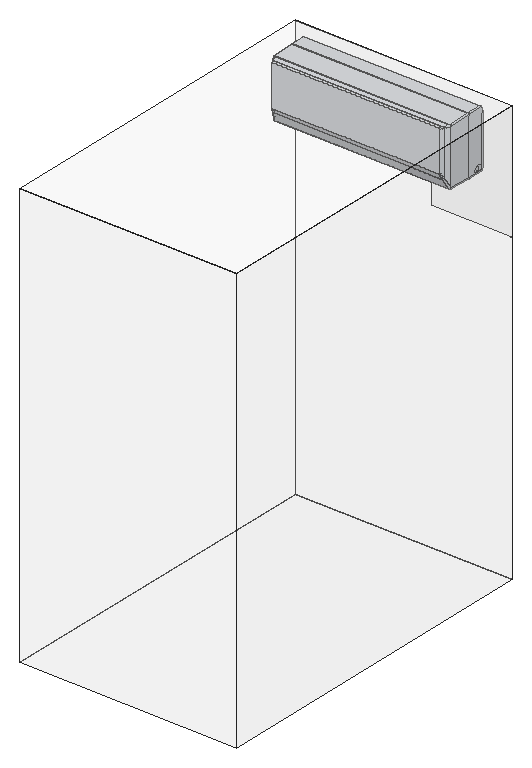
Revit family "pk-rp28la5_112ka21_50hz", category 機械設備, Revit 2019
Family settings
  丸型コネクタ寸法 = 直径を使用
  パーツ タイプ = 標準
  OmniClass 番号 = 23.75.10.24.21.27.27
  OmniClass タイトル = Split System Air Conditioning Units
  作業面ベース = いいえ
  常に垂直 = はい
  ロード時にボイドで切り取り = いいえ
  共有 = いいえ
  部屋計算ポイント = はい
Parameters (values of type "壁掛_PK-RP28LA5")
  風量_静 (m3/min) = 6.3
  風量_強 (m3/min) = 8.7
  風量_弱 (m3/min) = 7.3
  風量_中 (m3/min) = 8
  風量 = MAX風量  # 522.0 m³/h
  音響パワーレベル_静 (dB) = 45
  音響パワーレベル_弱 (dB) = 48
  音響パワーレベル_中 (dB) = 50
  音響パワーレベル_強 (dB) = 52
  音響パワーレベル(dB) = [音響パワーレベル_強 (dB)]  # 52
  電源種別 = ""
  電源_H = 0 mm
  電圧 = 0 V
  電動機出力_送風機 = 0.03 kW
  運転質量 = 0.00 kg
  連動 = ""
  質量 = if(製品質量 > 運転質量, 製品質量, 運転質量) * 1.2  # 15.00 kg
  負荷分類 = 3_ファン類
  構成品番 = "PK-RP28LA5"
  壁掛_PK-RP_LA3 = no
  壁掛_PK-RP_LA2 = no
  壁掛_PK-RP_LA1 = yes
  冷媒液管位置-Z = 280 mm
  冷媒液管位置-Y = 23 mm
  冷媒液管位置-X = 711 mm
  冷媒ガス管位置-Z = 268 mm
  冷媒ガス管位置-Y = 23 mm
  冷媒ガス管位置-X = 642 mm
  ドレン管径 (外径) = 22 mm
  ドレン位置-Z = 274 mm
  ドレン位置-Y = 37 mm
  ドレン位置-X = 660 mm
  サービススペース_PK-RP_LA2 = no
  サービススペース_PK-RP_LA1,3 = yes
  【値が 0 の項目は組合せ形名にてご確認ください】 = ""
  URL = "https://www.mitsubishielectric.co.jp/ldg/wink/ssl/top.do"
  Space Top = 50 mm
  Space Right_1 = 260 mm
  Space Right = 150 mm
  Space Left = 50 mm
  Space Bot_2 = 250 mm
  Space Bot_1 = 7 mm
  MIN２風量 = [風量_静 (m3/min)] * 60.0 m³/h  # 378.0 m³/h
  MIN風量 = [風量_弱 (m3/min)] * 60.0 m³/h  # 438.0 m³/h
  MID風量 = [風量_中 (m3/min)] * 60.0 m³/h  # 480.0 m³/h
  MAX風量 = [風量_強 (m3/min)] * 60.0 m³/h  # 522.0 m³/h
  説明 = "店舗・事務所用パッケージエアコン(Mr.SLIM) 壁掛形<ワイヤード>"
  設計暖房能力 = 0.00 kW
  設計冷房能力_顕熱 = 0 kW
  設計冷房能力 = 0 kW
  設置方法 = "壁掛形"
  記号 = ""
  製造元 = "三菱電機株式会社"
  製品質量 = 12.50 kg
  製品出荷対象 = "国内"
  製品リリース年月 = ""
  製品グループ = ""
  系統 = ""
  符号 = "PAC_WR"
  積算_科目 = "1 空気調和設備"
  積算_拾い区分 [instance] = ""
  相 = 1
  盤記号 = ""
  発停方法 = "付属スイッチ"
  特殊仕様 = ""
  火災停止 = ""
  消費電力_暖房 = 0.02 kW
  消費電力_冷房 = 0.03 kW
  消費電力 = if(消費電力_冷房 > 消費電力_暖房, 消費電力_冷房, 消費電力_暖房)  # 0.03 kW
  法定耐用年数 = "6"
  極数 = 1
  材質 = ""
  本体マテリアル = none
  有効加湿量 = 0
  暖房能力 = 2.80 kW
  推奨ブレーカー容量 = 0 A
  形式_加湿器 = ""
  形式 = "壁掛（露出）形"
  幹線記号 = ""
  始動方式 = "直入"
  呼称 = "室内機_壁掛（露出）形"
  周波数 = 50 Hz
  吊り位置Y = 0 mm
  吊り位置X = 0 mm
  吊りボルト_H = 0 mm
  台数_手元リモコン = ""
  台数_冷媒分岐ユニット = ""
  参照している仕様書等のバージョン = "公共建築工事標準仕様書（機械設備工事編）平成31年度版"
  加湿給水管径 = 0.00 mm
  分類コード = "5.0053E+13"
  分類グループ = ""
  冷房能力 = 2.5 kW
  冷媒高低圧ガス管径 = 0.00 mm
  冷媒管径符号 = "Ac"
  冷媒管径 = 100.00 mm
  冷媒液管径 = 6.35 mm
  冷媒ガス管径 = 12.70 mm
  企業コード = "108420"
  付属品_フィルター = ""
  付属品 = ""
  仕様書バージョン = "Version1.0"
  Model = ""
  パネルマテリアル = none
  ドレン管径 = 16.00 mm
  サービススペース = yes
  コメント [instance] = ""
  ケーブル種類 = ""
  ケーブルサイズ = 0 mm
  Width = 898 mm
  Uniclass2015Version = "Systems v1.9"
  Uniclass2015Title = "Split coil remote air cooled condensing units"
  Uniclass2015Code = "Pr_70_65_03_84"
  SpecificationReference = ""
  SpecificationDescription = ""
  S_H = 356 mm
  Revision = ""
  ProductInformation = ""
  OmniClassCode = "23-33 17 13 11"
  IfcTypeProduct = ""
  IfcProduct = ""
  IfcExportType = "AIRCONDITIONINGUNIT"
  IfcExportAs = "IfcUnitaryEquipmentType"
  Height = 299 mm
  Depth = 237 mm
  価格 = 0
  Clearance Top = 50 mm
  Clearance Right = 150 mm
  Clearance Left = 50 mm
  Clearance Front = 1500 mm
  Clearance Bottom = 1800 mm
  Clearance Back = 0 mm
  Author = "三菱電機株式会社"
Reference planes
  plane 1 "中心(正面/背面)": y = 0
  plane 2: z = 11
  plane 3 "中心(左/右)": x = 0
  plane 4: x = -449
  plane 5: x = 449
  plane 6: z = -288
  plane 7: y = -242
  plane 8: y = -5
  plane 9: x = -211
  plane 10: x = -193
  plane 11: x = -262
  plane 12: y = -28
  plane 13: y = -28
  plane 14: y = -42
  plane 15: z = -269
  plane 16: z = -257
  plane 17: z = -263
  plane 18: z = 61
  plane 19: x = -499
  plane 20: x = 599
  plane 21: z = -295
  plane 22: z = -538
  plane 23: x = 189
  plane 24: y = -1742
  plane 25: z = -2088
  plane 26: x = -499
  plane 27: x = 599
  plane 28: y = -28
Forms (mm)
  Extrusion 1, solid, detail levels fine
    sketch origin (-88.875, 0, -1713) x (-1, 0, 0) y (0, 0, 1)
      loop
        line (-487.875, 1574) -> (-487.875, 1549) -> (-462.875, 1549) -> (-462.875, 1574) -> (-487.875, 1574)
    from -1 to 0
  Extrusion 2, solid, detail levels fine
    sketch origin (0, 0, 0) x (0, 1, 0) y (0, 0, 1)
      loop
        circle (-42, -263) r 11
    from 444 to 449
  Extrusion 3, solid, detail levels fine
    sketch origin (0, 0, 0) x (0, 1, 0) y (0, 0, 1)
      loop
        circle (-28, -263) r 15
    from 444 to 449
Dimensions and locks
  equal spacing: plane 5, plane 3 "中心(左/右)", plane 4
  "Width": plane 5 to plane 4
  "Height": level to plane 6
  locked: plane 8 to plane 1 "中心(正面/背面)" at 5
  "Depth": plane 7 to plane 8
  "ドレン位置-X": plane 5 to plane 9
  "冷媒ガス管位置-X": plane 5 to plane 10
  "冷媒液管位置-X": plane 5 to plane 11
  "ドレン位置-Y": plane 14 to plane 8
  "冷媒ガス管位置-Y": plane 13 to plane 8
  "冷媒液管位置-Y": plane 12 to plane 8
  "ドレン位置-Z": level to plane 17
  "冷媒ガス管位置-Z": level to plane 16
  "冷媒液管位置-Z": level to plane 15
  "Space Top": plane 18 to level
  "Space Left": plane 4 to plane 19
  "Space Right": plane 20 to plane 5
  "Space Bot_1": plane 6 to plane 21
  "Space Bot_2": plane 6 to plane 22
  "Space Right_1": plane 5 to plane 23
  equal spacing: plane 16, Extrusion 3 sketch curve, plane 15
  equal spacing: plane 12, Extrusion 3 sketch curve, plane 13
  locked: plane 5 to Extrusion 3 at 5
  "Clearance Front": plane 24 to plane 7
  "Clearance Bottom": plane 6 to plane 25
  "Clearance Left": plane 4 to plane 26
  "Clearance Right": plane 27 to plane 5
  plane 5 to Extrusion 1 sketch curve = 50 mm
  nested 3 to Extrusion 1 sketch curve = 150 mm
  "Clearance Top": nested 4 to plane 2
  "ドレン管径 (外径)": diameter of Extrusion 2 sketch curve
  aligned and locked: level to plane 2
  aligned and locked: plane 1 "中心(正面/背面)" to nested 1
  aligned and locked: plane 1 "中心(正面/背面)" to nested 2
  aligned and locked: plane 1 "中心(正面/背面)" to nested 3
  aligned and locked: level to nested 1
  aligned and locked: level to nested 3
  aligned and locked: plane 3 "中心(左/右)" to nested 2
  aligned and locked: plane 3 "中心(左/右)" to nested 1
  aligned and locked: plane 3 "中心(左/右)" to nested 3
  aligned and locked: plane 14 to Extrusion 2 sketch curve
  aligned and locked: plane 17 to Extrusion 2 sketch curve
  aligned and locked: plane 5 to Extrusion 3
  aligned and locked: plane 5 to Extrusion 2
  aligned and locked: Extrusion 3 to Extrusion 2
  aligned and locked: plane 1 "中心(正面/背面)" to nested 4
  aligned and locked: plane 24 to nested 4
  aligned and locked: plane 25 to nested 4
  aligned and locked: plane 26 to nested 4
  aligned and locked: plane 27 to nested 4
  aligned and locked: plane 18 to nested 4
  aligned and locked: plane 1 "中心(正面/背面)" to nested 5
  aligned and locked: plane 3 "中心(左/右)" to nested 5
  aligned and locked: plane 2 to nested 3
Automatic sketch dimensions
  Extrusion 1 sketch curve to plane 5 = 75 mm
  Extrusion 1 sketch curve to Extrusion 1 sketch curve = 25 mm
  radius of Extrusion 3 sketch curve = 15 mm
Nested families
  nested 1: "pk-rp_la1" at (0, 0, 10), type "壁掛_PK-RP_LA1", detail levels fine
  nested 2: "pk-rp_la2" at (0, 0, 11), type "壁掛_PK-RP_LA2"
    with 壁掛_PK-RP56-71KA17 no
  nested 3: "pk-rp_la3" at (0, 0, 11), type "壁掛_PK-RP_LA3"
    with 壁掛_PK-RP80_112KA17 no, 冷媒液管径 6.35 mm, 冷媒ガス管径 12.70 mm
  nested 4: "サービススペース" at (50, -871, -1013.5), visible <- "サービススペース", type "サービススペース", detail levels fine
    with Width 1098 mm, Height 2149 mm, Depth 1742 mm
  nested 5: "Space View" at (0, 0, 11), Bot_1 <- "Space Bot_1", Bot_2 <- "Space Bot_2", Hight <- "Height", Left <- "Space Left", Right <- "Space Right", Right_1 <- "Space Right_1", Top <- "Space Top", Width <- "Width", Space View <- "サービススペース_PK-RP_LA1,3", type "Space View"
    with Width 898 mm, Top 50 mm, Space View yes, Right_1 260 mm, Right 150 mm, Left 50 mm, Hight 299 mm, Bot_2 250 mm, Bot_1 7 mm
Connectors
  piping at (449, -42, -263), diameter 22, driven by "ドレン管径 (外径)"
    settings: on Extrusion 2, index 1, connector inside diameter 609.60 mm, connector length 0 mm, flow factor 0, pipe flow 0.0 L/s, pressure drop 0.0 Pa, fitting loss kfactor 0, connector angle 0.00°, fixture units 0, engagement length 0 mm, angle of deflection 0.00°, flow configuration 1, flow direction 2, fitting loss method 4, system type 16, joint type 0, gender type 0, connector reference index -1, connector utility 0, adjustable connector no, is connector primary yes, connector description ""
  piping at (449, -28, -263), diameter 100, driven by "冷媒管径", driven by "冷媒管径符号"
    settings: on Extrusion 3, index 2, connector inside diameter 609.60 mm, connector length 0 mm, flow factor 0, pipe flow 0.0 L/s, pressure drop 0.0 Pa, fitting loss kfactor 0, connector angle 0.00°, fixture units 0, engagement length 0 mm, angle of deflection 0.00°, flow configuration 1, flow direction 1, fitting loss method 4, system type 7, joint type 0, gender type 0, connector reference index -1, connector utility 0, adjustable connector no, is connector primary no, connector description "Ac"
  electrical at (386.5, 0, -151.5), driven by "極数", driven by "負荷分類", driven by "電圧", driven by "消費電力"
    settings: on Extrusion 1, index 3, voltage 0 V, apparent load 30 VA, apparent load phase1 0 VA, apparent load phase2 0 VA, apparent load phase3 0 VA, power factor 1, load classification "3_ファン類", number of poles 1, system type 30, power factor state 1, is connector primary yes, connector utility no, sub classification motor no, connector description ""
Definition of nested family "pk-rp_la1"
  Parameters (values of type "壁掛_PK-RP40_50LA")
    壁掛_PK-RP40_50LA = yes
    冷媒液管位置-Y = 37 mm
    冷媒液管位置-X = 711 mm
    冷媒ガス管位置-Y = 23 mm
    冷媒ガス管位置-X = 642 mm
    ドレン管径 (外径) = 22 mm
    ドレン位置-Y = 23 mm
    ドレン位置-X = 660 mm
    URL = ""
    Description = ""
    Manufacturer = ""
    冷媒管径符号 = "Ac"
    冷媒管径 = 100.00 mm
    冷媒液管位置-Z = 280 mm
    冷媒液管径 = 6.35 mm
    冷媒ガス管位置-Z = 268 mm
    冷媒ガス管径 = 12.70 mm
    Model = ""
    ドレン位置-Z = 274 mm
    ドレン管径 = 16.00 mm
    Width = 898 mm
    S_H = 356 mm
    Height = 299 mm
    Depth = 237 mm
    Cost = 0
  Reference planes
    plane 1 "中心(正面/背面)": y = 0
    plane 2: z = 1
    plane 3 "中心(左/右)": x = 0
    plane 4 "UNDER": z = -298
    plane 5 "Left": x = -449
    plane 6: x = 449
    plane 7 "Fkidasi_L": x = -400
    plane 8 "Fkidasi_X": x = -262
    plane 9 "Fkidasi_Y": x = -193
    plane 10: y = -5
    plane 11: y = -42
    plane 12: y = -242
    plane 13: z = -279
    plane 14: z = -267
    plane 15: z = -273
    plane 16: y = -28
    plane 17: y = -28
    plane 18: x = -211
    plane 19: z = 1
    plane 20: x = 0
    plane 21: x = 0
  Forms (mm)
    Extrusion 1, void, detail levels fine
      sketch origin (0, 75, -2499) x (0, -1, 0) y (0, 0, 1)
        loop
          line (89, 2500) -> (80, 2500) -> (80, 2487) -> (89, 2500)
      from 449 to -449
    Extrusion 2, solid, visible <- "壁掛_PK-RP40_50LA", detail levels fine
      sketch origin (0, 0, -2509.072) x (-1, 0, 0) y (0, 0, 1)
        loop
          line (449, 2485.072) -> (-449, 2485.072) -> (-449, 2224.072) -> (449, 2224.072) -> (449, 2485.072)
      from 0 to -5
    Extrusion 3, solid, visible <- "壁掛_PK-RP40_50LA", detail levels fine
      sketch origin (0, -5, -2499) x (0, 0, -1) y (-1, 0, 0)
        loop
          line (-2500, 444) -> (-2500, -444)
          arc (-2500, -444) -> (-2498.536, -447.536) -> (-2495, -449) r 5
          line (-2495, -449) -> (-2206, -449)
          arc (-2206, -449) -> (-2202.464, -447.536) -> (-2201, -444) r 5
          line (-2201, -444) -> (-2201, 444)
          arc (-2201, 444) -> (-2202.464, 447.536) -> (-2206, 449) r 5
          line (-2206, 449) -> (-2495, 449)
          arc (-2495, 449) -> (-2498.536, 447.536) -> (-2500, 444) r 5
      from 0 to -83
    Blend 4, solid, visible <- "壁掛_PK-RP40_50LA"
      base sketch origin (0, -202, -1799) x (0, 0, 1) y (1, 0, 0)
        loop
          line (1796, -444) -> (1796, 444)
          arc (1796, 444) -> (1794.536, 447.536) -> (1791, 449) r 5
          line (1791, 449) -> (1515, 449)
          arc (1515, 449) -> (1508.636, 446.364) -> (1506, 440) r 9
          line (1506, 440) -> (1506, -440)
          arc (1506, -440) -> (1508.636, -446.364) -> (1515, -449) r 9
          line (1515, -449) -> (1791, -449)
          arc (1791, -449) -> (1794.536, -447.536) -> (1796, -444) r 5
      top sketch origin (0, -202, -1799) x (0, 0, 1) y (1, 0, 0)
        loop
          line (1793, -427) -> (1793, 427)
          arc (1793, 427) -> (1791.536, 430.536) -> (1788, 432) r 5
          line (1788, 432) -> (1559, 432)
          arc (1559, 432) -> (1555.464, 430.536) -> (1554, 427) r 5
          line (1554, 427) -> (1554, -427)
          arc (1554, -427) -> (1555.464, -430.536) -> (1559, -432) r 5
          line (1559, -432) -> (1788, -432)
          arc (1788, -432) -> (1791.536, -430.536) -> (1793, -427) r 5
      from 0 to -25
    Blend 5, solid, visible <- "壁掛_PK-RP40_50LA", detail levels fine
      base sketch origin (0, -227, -1799) x (0, 0, 1) y (1, 0, 0)
        loop
          arc (1793, 427) -> (1791.536, 430.536) -> (1788, 432) r 5
          line (1788, 432) -> (1559, 432)
          arc (1559, 432) -> (1555.464, 430.536) -> (1554, 427) r 5
          line (1554, 427) -> (1554, -427)
          arc (1554, -427) -> (1555.464, -430.536) -> (1559, -432) r 5
          line (1559, -432) -> (1788, -432)
          arc (1788, -432) -> (1791.536, -430.536) -> (1793, -427) r 5
          line (1793, -427) -> (1793, 427)
      top sketch origin (0, -227, -1799) x (0, 0, 1) y (1, 0, 0)
        loop
          line (1793, -419) -> (1793, 419)
          arc (1793, 419) -> (1791.536, 422.536) -> (1788, 424) r 5
          line (1788, 424) -> (1590, 424)
          arc (1590, 424) -> (1586.464, 422.536) -> (1585, 419) r 5
          line (1585, 419) -> (1585, -419)
          arc (1585, -419) -> (1586.464, -422.536) -> (1590, -424) r 5
          line (1590, -424) -> (1788, -424)
          arc (1788, -424) -> (1791.536, -422.536) -> (1793, -419) r 5
      from 0 to -15
    Blend 6, solid, visible <- "壁掛_PK-RP40_50LA", detail levels fine
      base sketch origin (62.5, -88, -1799) x (0, 0, 1) y (1, 0, 0)
        loop
          arc (1800, 381.5) -> (1798.536, 385.036) -> (1795, 386.5) r 5
          line (1795, 386.5) -> (1506, 386.5)
          arc (1506, 386.5) -> (1502.464, 385.036) -> (1501, 381.5) r 5
          line (1501, 381.5) -> (1501, -506.5)
          arc (1501, -506.5) -> (1502.464, -510.036) -> (1506, -511.5) r 5
          line (1506, -511.5) -> (1795, -511.5)
          arc (1795, -511.5) -> (1798.536, -510.036) -> (1800, -506.5) r 5
          line (1800, -506.5) -> (1800, 381.5)
      top sketch origin (62.5, -88, -1799) x (0, 0, 1) y (1, 0, 0)
        loop
          line (1796, -506.5) -> (1796, 381.5)
          arc (1796, 381.5) -> (1794.536, 385.036) -> (1791, 386.5) r 5
          line (1791, 386.5) -> (1511, 386.5)
          arc (1511, 386.5) -> (1507.464, 385.036) -> (1506, 381.5) r 5
          line (1506, 381.5) -> (1506, -502.5)
          arc (1506, -502.5) -> (1508.636, -508.864) -> (1515, -511.5) r 9
          line (1515, -511.5) -> (1791, -511.5)
          arc (1791, -511.5) -> (1794.536, -510.036) -> (1796, -506.5) r 5
      from 0 to -114
    Sweep 7, solid, visible <- "壁掛_PK-RP40_50LA", detail levels fine
      path origin (0, 75, -1799) x (-1, 0, 0) y (0, 0, 1)
        loop
          line (262, 1521) -> (-271, 1521)
      profile origin (4.5, 75, -278) x (0, 0, -1) y (0, 1, 0)
        loop
          circle (1, -103) r 3.175
    Sweep 8, solid, visible <- "壁掛_PK-RP40_50LA", detail levels fine
      path origin (0, 75, -1799) x (-1, 0, 0) y (0, 0, 1)
        loop
          line (-257, 1533) -> (193, 1533)
      profile origin (32, 75, -266) x (0, 0, 1) y (0, 1, 0)
        loop
          circle (-1, -103) r 6.35
    Sweep 9, solid, visible <- "壁掛_PK-RP40_50LA", detail levels fine
      path origin (0, 75, -1799) x (-1, 0, 0) y (0, 0, 1)
        loop
          line (211, 1527) -> (-289, 1527)
      profile origin (39, 75, -272) x (0, 0, -1) y (0, 1, 0)
        loop
          circle (1, -117) r 11
  Cuts and joins
    Extrusion 1 cuts Extrusion 3
  Lines and regions (mm)
    model lines, visible <- "壁掛_PK-RP40_50LA", detail levels fine
      curve 1: line (274, -5, -298) -> (274, -54, -298)
      curve 2: line (292, -72, -298) -> (331, -72, -298)
      curve 3: line (349, -54, -298) -> (349, -5, -298)
      curve 4: line (324, -54, -298) -> (324, -5, -298)
      curve 5: arc (292, -72, -298) -> (279.272, -66.728, -298) -> (274, -54, -298) r 18
      curve 6: arc (306, -72, -298) -> (318.728, -66.728, -298) -> (324, -54, -298) r 18
      curve 7: arc (331, -72, -298) -> (343.728, -66.728, -298) -> (349, -54, -298) r 18
      curve 8: line (-430, -5, -298) -> (-430, -54, -298)
      curve 9: line (-412, -72, -298) -> (-378, -72, -298)
      curve 10: line (-360, -54, -298) -> (-360, -5, -298)
      curve 11: line (-399.073, -53.123, -298) -> (-399.073, -5, -298)
      curve 12: arc (-412, -72, -298) -> (-424.728, -66.728, -298) -> (-430, -54, -298) r 18
      curve 13: arc (-399.073, -53.123, -298) -> (-394.55, -65.481, -298) -> (-383.118, -72, -298) r 19.145
      curve 14: arc (-360, -54, -298) -> (-365.272, -66.728, -298) -> (-378, -72, -298) r 18
      curve 15: line (366.5, -202, -293) -> (366.5, -208.929, -279.696)
      curve 16: line (366.5, -208.929, -279.696) -> (326.5, -208.929, -279.696)
      curve 17: line (326.5, -208.929, -279.696) -> (326.5, -202, -293)
      curve 18: line (326.5, -202, -293) -> (326.5, -188.513, -293.592)
      curve 19: line (326.5, -188.513, -293.592) -> (366.5, -188.513, -293.592)
      curve 20: line (366.5, -188.513, -293.592) -> (366.5, -202, -293)
      curve 21: line (449, -5, -229) -> (449, -52, -229)
      curve 22: line (449, -70, -247) -> (449, -70, -270)
      curve 23: line (449, -52, -288) -> (449, -5, -288)
      curve 24: line (449, -49.143, -241) -> (449, -5, -241)
      curve 25: arc (449, -52, -288) -> (449, -64.728, -282.728) -> (449, -70, -270) r 18
      curve 26: arc (449, -52, -229) -> (449, -64.728, -234.272) -> (449, -70, -247) r 18
      curve 27: arc (449, -70, -261.857) -> (449, -63.891, -247.109) -> (449, -49.143, -241) r 20.857
      curve 28: line (-449, -5, -288) -> (-449, -52, -288)
      curve 29: line (-449, -70, -270) -> (-449, -70, -236)
      curve 30: line (-449, -52, -218) -> (-449, -5, -218)
      curve 31: line (-449, -5, -238) -> (-449, -52, -238)
      curve 32: arc (-449, -52, -288) -> (-449, -64.728, -282.728) -> (-449, -70, -270) r 18
      curve 33: arc (-449, -70, -236) -> (-449, -64.728, -223.272) -> (-449, -52, -218) r 18
      curve 34: arc (-449, -70, -256) -> (-449, -64.728, -243.272) -> (-449, -52, -238) r 18
      curve 35: line (-400, -227, -245) -> (-400, -202, -293)
      curve 36: line (250, -227, -245) -> (250, -202, -293)
      curve 37: line (250, -202, -293) -> (250, -88, -298)
      curve 38: line (-400, -200.122, -293.082) -> (-400, -88, -298)
  Dimensions and locks
    "Width": plane 5 "Left" to plane 6
    plane 5 "Left" to plane 3 "中心(左/右)" to plane 6 = 449 mm, 449 mm
    equal spacing: plane 5 "Left", plane 3 "中心(左/右)", plane 6
    "Depth": plane 10 to plane 12
    "ドレン位置-Z": level to plane 15
    "冷媒ガス管位置-Z": level to plane 14
    "冷媒液管位置-Z": level to plane 13
    "Height": level to plane 4 "UNDER"
    "ドレン位置-Y": plane 10 to plane 17
    "冷媒ガス管位置-Y": plane 10 to plane 16
    "冷媒液管位置-Y": plane 10 to plane 11
    "冷媒液管位置-X": plane 6 to plane 8 "Fkidasi_X"
    "冷媒ガス管位置-X": plane 6 to plane 9 "Fkidasi_Y"
    "ドレン位置-X": plane 6 to plane 18
    locked: plane 10 to plane 1 "中心(正面/背面)" at 5
    "冷媒液管径": diameter of Sweep 7 sketch curve
    "冷媒ガス管径": diameter of Sweep 8 sketch curve
    "ドレン管径 (外径)": diameter of Sweep 9 sketch curve
    aligned and locked: level to plane 2
    aligned and locked: Sweep 8 to plane 9 "Fkidasi_Y"  (x2)
    aligned and locked: Sweep 7 to plane 8 "Fkidasi_X"
    aligned and locked: plane 12 to Blend 5
    aligned and locked: plane 15 to Sweep 9 sketch curve
    aligned and locked: plane 14 to Sweep 8 sketch curve
    aligned and locked: plane 13 to Sweep 7 sketch curve
    aligned and locked: plane 17 to Sweep 7 sketch curve
    aligned and locked: plane 16 to Sweep 8 sketch curve
    aligned and locked: plane 11 to Sweep 9 sketch curve
    aligned and locked: plane 20 to plane 3 "中心(左/右)"
    aligned and locked: plane 21 to plane 20
  Automatic sketch dimensions
    Extrusion 1 sketch curve to plane 10 = 0 mm
    Extrusion 1 sketch curve to plane 10 = 9 mm
    Extrusion 2 sketch curve to plane 6 = 0 mm
    plane 5 "Left" to Extrusion 2 sketch curve = 0 mm
    Extrusion 2 sketch curve to level = 286 mm
    Extrusion 3 sketch curve to plane 6 = 0 mm
    plane 5 "Left" to Extrusion 3 sketch curve = 0 mm
    Extrusion 3 sketch curve to level = 299 mm
    Extrusion 3 sketch curve to level = 294 mm  (x2)
    plane 5 "Left" to Blend 4 sketch curve = 0 mm
    Blend 4 sketch curve to plane 6 = 0 mm
    Blend 4 sketch curve to level = 294 mm
    Blend 4 sketch curve to Blend 4 sketch curve = 9 mm  (x2)
    Blend 4 sketch curve to plane 6 = 5 mm
    Blend 4 sketch curve to plane 6 = 22 mm
    Blend 4 sketch curve to level = 246 mm
    Blend 4 sketch curve to Blend 4 sketch curve = 5 mm  (x4)
    Blend 4 sketch curve to plane 5 "Left" = 22 mm
    Blend 5 sketch curve to level = 246 mm
    Blend 5 sketch curve to Blend 5 sketch curve = 5 mm  (x7)
    Blend 5 sketch curve to plane 5 "Left" = 17 mm
    Blend 5 sketch curve to plane 6 = 22 mm
    Blend 5 sketch curve to plane 7 "Fkidasi_L" = 19 mm
    Blend 5 sketch curve to level = 215 mm
    Blend 5 sketch curve to plane 6 = 30 mm
    Blend 6 sketch curve to level = 299 mm
    Blend 6 sketch curve to plane 6 = 0 mm  (x2)
    plane 5 "Left" to Blend 6 sketch curve = 0 mm  (x2)
    Blend 6 sketch curve to level = 294 mm  (x3)
    Blend 6 sketch curve to plane 6 = 5 mm  (x2)
    Blend 6 sketch curve to Blend 6 sketch curve = 9 mm
    curve 11 to Extrusion 3 = 0 mm
    curve 1 to Extrusion 3 = 0 mm
    curve 8 to Extrusion 3 = 0 mm
    curve 4 to Extrusion 3 = 0 mm
    curve 3 to Extrusion 3 = 0 mm
    curve 10 to Extrusion 3 = 0 mm
    curve 13 to Extrusion 3 = 34.877 mm
    curve 12 to curve 13 = 0.877 mm
    curve 10 to curve 13 = 0.877 mm
    curve 3 to Extrusion 3 = 34 mm
    curve 4 to curve 7 = 0 mm
    curve 9 to Extrusion 3 = 16 mm
    curve 2 to Extrusion 3 = 16 mm
    Extrusion 3 to curve 3 = 95 mm
    curve 7 to curve 4 = 7 mm
    curve 6 to curve 2 = 14 mm
    Extrusion 3 to curve 10 = 84 mm
    curve 14 to curve 13 = 1.927 mm
    curve 13 to curve 11 = 19.145 mm
    curve 13 to curve 12 = 12.927 mm
    curve 35 to Blend 4 = 0 mm
    Blend 4 to curve 35 = 0 mm
    Blend 4 to curve 36 = 0 mm
    curve 36 to Blend 4 = 0 mm
    curve 17 to Blend 4 = 0 mm
    curve 15 to Blend 4 = 0 mm
    Blend 4 to curve 17 = 15 mm
    curve 17 to Blend 4 = 106.857 mm
    curve 16 to curve 15 = 40 mm
    curve 36 to curve 17 = 76.5 mm
    curve 35 to curve 36 = 650 mm
    curve 38 to Blend 6 = 0 mm
    curve 37 to Blend 6 = 0 mm
    Blend 6 to curve 37 = 0 mm
    Blend 6 to curve 18 = 0 mm
    Blend 6 to curve 20 = 0 mm
    Blend 6 to curve 19 = 13.5 mm
    curve 19 to Blend 6 = 117.5 mm
    curve 18 to curve 19 = 40 mm
    curve 37 to curve 18 = 76.5 mm
    curve 38 to curve 37 = 650 mm
    Blend 6 to curve 38 = 1.879 mm
    curve 21 to Extrusion 3 = 0 mm
    curve 24 to Extrusion 3 = 0 mm
    curve 23 to Extrusion 3 = 0 mm
    curve 21 to curve 24 = 12 mm
    Extrusion 3 to curve 22 = 18 mm
    curve 24 to curve 22 = 6 mm
    curve 26 to curve 27 = 14.857 mm
    curve 27 to curve 25 = 8.143 mm
    curve 23 to Extrusion 3 = 5 mm
    curve 28 to Extrusion 3 = 0 mm
    curve 31 to Extrusion 3 = 0 mm
    curve 30 to Extrusion 3 = 0 mm
    curve 28 to Extrusion 3 = 5 mm
    curve 29 to Extrusion 3 = 23 mm
    curve 32 to curve 34 = 14 mm
    curve 34 to curve 31 = 18 mm
    curve 34 to curve 33 = 2 mm
    curve 33 to curve 30 = 18 mm
    Extrusion 3 to curve 32 = 36 mm
    Sweep 7 sketch curve to plane 8 "Fkidasi_X" = 0 mm
    Sweep 8 sketch curve to plane 9 "Fkidasi_Y" = 0 mm
    Sweep 9 sketch curve to plane 9 "Fkidasi_Y" = 18 mm
    Extrusion 1 sketch curve to level = 13 mm
    Extrusion 1 sketch curve to level = 0 mm
    Extrusion 2 sketch curve to level = 25 mm
    Extrusion 3 sketch curve to level = 5 mm  (x2)
    Extrusion 3 sketch curve to level = 0 mm
    Blend 4 sketch curve to level = 9 mm  (x2)
    Blend 4 sketch curve to level = 12 mm
    Blend 5 sketch curve to level = 12 mm  (x3)
    Blend 6 sketch curve to level = 5 mm  (x2)
    Blend 6 sketch curve to level = 0 mm
    Blend 6 sketch curve to level = 9 mm  (x2)
    plane 13 to Sweep 7 sketch curve = 1 mm
    plane 14 to Sweep 8 sketch curve = 1 mm
    plane 15 to Sweep 9 sketch curve = 1 mm
    curve 5 to curve 6 = 0 mm
    Sweep 7 sketch curve to plane 6 = 178 mm
    Sweep 8 sketch curve to plane 6 = 192 mm
    Sweep 9 sketch curve to plane 6 = 160 mm
    curve 22 to Extrusion 3 = 23 mm
Definition of nested family "サービススペース"
  Parameters (values of type "サービススペース")
    Width [instance] = 500 mm
    Height [instance] = 500 mm
    Depth [instance] = 500 mm
  Reference planes
    plane 1 "中心(正面/背面)": y = 0
    plane 2: z = 0
    plane 3 "中心(左/右)": x = 0
    plane 4: y = -250
    plane 5: x = 250
    plane 6: y = 250
    plane 7: x = -250
    plane 8: z = 250
    plane 9: z = -250
  Forms (mm)
    Extrusion 1, solid
      sketch origin (-638.939, 0, 72.39) x (1, 0, 0) y (0, 1, 0)
        loop
          line (388.939, 250) -> (388.939, -250) -> (888.939, -250) -> (888.939, 250) -> (388.939, 250)
      from -322.39 to 177.61
  Lines and regions (mm)
    symbolic lines
      curve 1: line (-250, 0, 250) -> (250, 0, 250)
      curve 2: line (-250, 0, -250) -> (-250, 0, 250)
      curve 3: line (250, 0, -250) -> (-250, 0, -250)
      curve 4: line (250, 0, 250) -> (250, 0, -250)
      curve 5: line (0, -250, 250) -> (0, 250, 250)
      curve 6: line (0, -250, -250) -> (0, -250, 250)
      curve 7: line (0, 250, -250) -> (0, -250, -250)
      curve 8: line (0, 250, 250) -> (0, 250, -250)
      curve 9: line (-250, 250, 0) -> (250, 250, 0)
      curve 10: line (-250, -250, 0) -> (-250, 250, 0)
      curve 11: line (250, -250, 0) -> (-250, -250, 0)
      curve 12: line (250, 250, 0) -> (250, -250, 0)
  Dimensions and locks
    equal spacing: plane 7, plane 3 "中心(左/右)", plane 5
    equal spacing: plane 4, plane 1 "中心(正面/背面)", plane 6
    "Depth": plane 4 to plane 6
    "Width": plane 7 to plane 5
    equal spacing: plane 8, plane 2, plane 9
    "Height": plane 8 to plane 9
    aligned and locked: plane 9 to curve 3
    aligned and locked: plane 7 to curve 2
    aligned and locked: curve 4 to plane 5
    aligned and locked: plane 5 to Extrusion 1
    aligned and locked: Extrusion 1 to plane 7
    aligned and locked: Extrusion 1 to plane 9
    aligned and locked: plane 8 to Extrusion 1
    aligned and locked: plane 9 to curve 7
  Automatic sketch dimensions
    plane 4 to Extrusion 1 sketch curve = 0 mm
    Extrusion 1 sketch curve to plane 7 = 0 mm
    Extrusion 1 sketch curve to plane 5 = 0 mm
    plane 6 to Extrusion 1 sketch curve = 0 mm
    curve 2 to plane 8 = 0 mm
    plane 4 to curve 11 = 0 mm
    curve 11 to plane 7 = 0 mm
    curve 11 to plane 5 = 0 mm
    plane 6 to curve 10 = 0 mm
    curve 7 to plane 4 = 0 mm
    curve 7 to plane 6 = 0 mm
    curve 6 to plane 8 = 0 mm
Definition of nested family "Space View"
  Parameters (values of type "Space View")
    Width [instance] = 898 mm
    Top [instance] = 50 mm
    Space View [instance] = yes
    Right_1 [instance] = 260 mm
    Right [instance] = 150 mm
    Left [instance] = 50 mm
    Hight [instance] = 299 mm
    Bot_2 [instance] = 250 mm
    Bot_1 [instance] = 7 mm
  Reference planes
    plane 1 "Center (Front/Back)": y = 0
    plane 2: z = 0
    plane 3 "Center (Left/Right)": x = 0
    plane 4: x = -499
    plane 5: z = 50
    plane 6: x = 599
    plane 7: z = -306
    plane 8: z = -549
    plane 9: x = -449
    plane 10: x = 449
    plane 11: z = -299
    plane 12: x = 189
  Forms (mm)
    Extrusion 1, solid, visible <- "Space View"
      sketch origin (0, 0, -1800) x (-1, 0, 0) y (0, 0, 1)
        loop
          line (499, 1850) -> (-599, 1850) -> (-599, 1251) -> (-189, 1251) -> (-189, 1494) -> (499, 1494) -> (499, 1850)
      from 0 to -1
  Dimensions and locks
    equal spacing: plane 10, plane 3 "Center (Left/Right)", plane 9
    "Width": plane 10 to plane 9
    "Right": plane 10 to plane 6
    "Left": plane 9 to plane 4
    "Hight": level to plane 11
    "Bot_1": plane 11 to plane 7
    "Bot_2": plane 11 to plane 8
    "Top": plane 5 to level
    "Right_1": plane 12 to plane 10
    aligned and locked: level to plane 2
    aligned and locked: Extrusion 1 to plane 4
    aligned and locked: plane 5 to Extrusion 1
    aligned and locked: plane 6 to Extrusion 1
    aligned and locked: plane 7 to Extrusion 1
    aligned and locked: plane 8 to Extrusion 1
    aligned and locked: plane 5 to Extrusion 1 sketch curve
    aligned and locked: Extrusion 1 sketch curve to plane 4
    aligned and locked: Extrusion 1 sketch curve to plane 7
    aligned and locked: Extrusion 1 sketch curve to plane 8
    aligned and locked: Extrusion 1 sketch curve to plane 6
    aligned and locked: plane 12 to Extrusion 1
  Automatic sketch dimensions
    plane 10 to Extrusion 1 sketch curve = 260 mm
Definition of nested family "pk-rp_la2"
  Parameters (values of type "壁掛_PK-RP56_71KA17")
    壁掛_PK-RP56-71KA17 = yes
    冷媒液管位置-Z = 250 mm
    冷媒液管位置-Y = 25 mm
    冷媒液管位置-X = 673 mm
    冷媒ガス管位置-Z = 270 mm
    冷媒ガス管位置-Y = 25 mm
    冷媒ガス管位置-X = 603 mm
    ドレン管径 (外径) = 22 mm
    ドレン位置-Z = 300 mm
    ドレン位置-Y = 25 mm
    ドレン位置-X = 733 mm
    URL = ""
    Description = ""
    Manufacturer = ""
    冷媒管径符号 = "Ac"
    冷媒管径 = 100.00 mm
    冷媒液管径 = 6.35 mm
    冷媒ガス管径 = 12.70 mm
    Model = ""
    ドレン管径 = 16.00 mm
    Width = 1100 mm
    S_H = 404 mm
    Height = 325 mm
    Depth = 258 mm
    Cost = 0
  Reference planes
    plane 1 "中心(正面/背面)": y = 0
    plane 2: z = 0
    plane 3 "中心(左/右)": x = 0
    plane 4 "TOP": z = 0
    plane 5 "UNDER": z = -325
    plane 6 "Left": x = -550
    plane 7: x = 550
    plane 8 "Fkidasi_V": z = -332
    plane 9 "Fkidasi_Z": z = -300
    plane 10 "Fkidasi_AA": z = -270
    plane 11 "Fkidasi_BB": z = -250
    plane 12: x = 377
    plane 13 "Fkidasi_CC": x = -183
    plane 14 "Fkidasi_DD": x = -123
    plane 15 "Fkidasi_EE": x = -53
    plane 16: y = -5
    plane 17: y = -263
    plane 18: y = -30
    plane 19: y = -30
    plane 20: y = -30
    plane 21: z = 0
    plane 22: x = 0
  Forms (mm)
    Sweep 1, solid, visible <- "壁掛_PK-RP56-71KA17", detail levels fine
      path origin (0, 85, -1776) x (-1, 0, 0) y (0, 0, 1)
        loop
          line (-377, 1506) -> (53, 1506)
      profile origin (162, 85, -270) x (0, 0, 1) y (0, 1, 0)
        loop
          circle (0, -115) r 6.35
    Sweep 2, solid, visible <- "壁掛_PK-RP56-71KA17", detail levels fine
      path origin (0, 85, -1744) x (-1, 0, 0) y (0, 0, 1)
        loop
          line (123, 1494) -> (-377, 1494)
      profile origin (127, 85, -250) x (0, 0, -1) y (0, 1, 0)
        loop
          circle (0, -115) r 3.175
    Sweep 3, solid, visible <- "壁掛_PK-RP56-71KA17", detail levels fine
      path origin (0, 75, -1850) x (-1, 0, 0) y (0, -1, 0)
        loop
          line (183, 105) -> (-377, 105)
      profile origin (97, -30, -1850) x (0, 1, 0) y (0, 0, 1)
        loop
          circle (0, 1550) r 11
    Extrusion 4, solid, visible <- "壁掛_PK-RP56-71KA17"
      sketch origin (-572, -4.93, 72) x (0, 0, -1) y (0, -1, 0)
        loop
          arc (72, 6.933) -> (72.338, 5.549) -> (73.277, 4.477) r 3
          line (73.277, 4.477) -> (78.269, 0.976)
          arc (78.269, 0.976) -> (79.634, 0.302) -> (81.14, 0.07) r 5
          line (81.14, 0.07) -> (93.863, 0.07) -> (93.863, -3.73)
          arc (93.863, -3.73) -> (94.214, -4.579) -> (95.063, -4.93) r 1.2
          line (95.063, -4.93) -> (382.983, -4.93)
          arc (382.983, -4.93) -> (383.752, -4.777) -> (384.402, -4.34) r 2
          line (384.402, -4.34) -> (391.687, 2.995) -> (393.576, 2.486) -> (396.064, 2.486) -> (396.064, 74.487) -> (397, 74.487) -> (396.249, 96.275)
          arc (396.249, 96.275) -> (386.433, 144.686) -> (361.405, 187.272) r 149.804
          arc (361.405, 187.272) -> (360.715, 187.808) -> (359.863, 187.999) r 2
          line (359.863, 187.999) -> (351.218, 187.999) -> (351.218, 189.494) -> (358.547, 189.494)
          arc (358.547, 189.494) -> (359.077, 189.813) -> (359.045, 190.43) r 0.6
          arc (359.045, 190.43) -> (356.535, 194.254) -> (354.116, 198.136) r 193.914
          arc (354.116, 198.136) -> (346.059, 210.496) -> (337.22, 222.309) r 228.274
          line (337.22, 222.309) -> (330.325, 231.46)
          arc (330.325, 231.46) -> (329.848, 231.872) -> (329.245, 232.052) r 1.5
          arc (329.245, 232.052) -> (268.628, 247.266) -> (206.817, 256.492) r 639.712
          arc (206.817, 256.492) -> (187.622, 257.823) -> (168.382, 258) r 320.323
          arc (168.382, 258) -> (152.854, 257.385) -> (137.36, 256.189) r 414.965
          arc (137.36, 256.189) -> (135.749, 255.382) -> (135.1, 253.701) r 2.5
          line (135.1, 253.701) -> (135.1, 238.591) -> (133.187, 234.008)
          arc (133.187, 234.008) -> (111.703, 220.588) -> (95.132, 201.429) r 84.941
          arc (95.132, 201.429) -> (91.762, 195.916) -> (88.556, 190.306) r 219.053
          arc (88.556, 190.306) -> (88.564, 189.763) -> (89.035, 189.494) r 0.547
          line (89.035, 189.494) -> (93.338, 189.494) -> (92.464, 187.999) -> (86.86, 187.999)
          arc (86.86, 187.999) -> (86.322, 187.842) -> (85.953, 187.421) r 1
          arc (85.953, 187.421) -> (81.274, 174.893) -> (78.608, 161.789) r 85.448
          arc (78.608, 161.789) -> (73.655, 125.49) -> (72, 88.891) r 405.418
          line (72, 88.891) -> (72, 6.933)
      from -1122 to -22
  Lines and regions (mm)
    model lines, visible <- "壁掛_PK-RP56-71KA17", detail levels fine
      curve 1: line (550, -79.418, -324.064) -> (550, -79.418, 0)
      curve 2: line (550, 0, -241.868) -> (550, -79.418, -241.868)
      curve 3: line (550, 0, -243.128) -> (550, -64.595, -243.128)
      curve 4: line (550, -72.595, -251.128) -> (550, -72.595, -311.603)
      curve 5: line (550, -64.595, -319.603) -> (550, -7.841, -319.603)
      curve 6: arc (550, -64.595, -243.128) -> (550, -70.251, -245.471) -> (550, -72.595, -251.128) r 8
      curve 7: arc (550, -72.595, -311.603) -> (550, -70.251, -317.26) -> (550, -64.595, -319.603) r 8
      curve 8: line (-550, -79.418, -324.064) -> (-550, -79.418, 0)
      curve 9: line (-550, 0, -241.868) -> (-550, -79.418, -241.868)
      curve 10: line (-550, 0, -243.128) -> (-550, -64.595, -243.128)
      curve 11: line (-550, -72.595, -251.128) -> (-550, -72.595, -311.603)
      curve 12: line (-550, -64.595, -319.603) -> (-550, -7.841, -319.603)
      curve 13: arc (-550, -64.595, -243.128) -> (-550, -70.251, -245.471) -> (-550, -72.595, -251.128) r 8
      curve 14: arc (-550, -72.595, -311.603) -> (-550, -70.251, -317.26) -> (-550, -64.595, -319.603) r 8
  Dimensions and locks
    equal spacing: plane 7, plane 3 "中心(左/右)", plane 6 "Left"
    "Width": plane 6 "Left" to plane 7
    "Height": plane 5 "UNDER" to plane 4 "TOP"
    plane 8 "Fkidasi_V" to plane 5 "UNDER" = 7 mm
    plane 12 to plane 7 = 173 mm
    plane 12 to plane 13 "Fkidasi_CC" = 560 mm
    "冷媒液管位置-Z": plane 4 "TOP" to plane 11 "Fkidasi_BB"
    "冷媒ガス管位置-Z": plane 4 "TOP" to plane 10 "Fkidasi_AA"
    "ドレン位置-Z": plane 4 "TOP" to plane 9 "Fkidasi_Z"
    equal spacing: plane 6 "Left", plane 3 "中心(左/右)", plane 7
    plane 5 "UNDER" to plane 8 "Fkidasi_V" = 7 mm
    locked: plane 16 to plane 1 "中心(正面/背面)" at 5
    "Depth": plane 17 to plane 16
    "ドレン位置-Y": plane 18 to plane 16
    "冷媒ガス管位置-Y": plane 19 to plane 16
    "冷媒液管位置-Y": plane 20 to plane 16
    "冷媒ガス管位置-X": plane 7 to plane 15 "Fkidasi_EE"
    "冷媒液管位置-X": plane 7 to plane 14 "Fkidasi_DD"
    "ドレン位置-X": plane 7 to plane 13 "Fkidasi_CC"
    "冷媒ガス管径": diameter of Sweep 1 sketch curve
    "冷媒液管径": diameter of Sweep 2 sketch curve
    "ドレン管径 (外径)": diameter of Sweep 3 sketch curve
    aligned and locked: level to plane 2
    aligned and locked: plane 15 "Fkidasi_EE" to Sweep 1 sketch curve
    aligned and locked: plane 9 "Fkidasi_Z" to Sweep 3 sketch curve
    aligned and locked: plane 10 "Fkidasi_AA" to Sweep 1 sketch curve
    aligned and locked: plane 11 "Fkidasi_BB" to Sweep 2 sketch curve
    aligned and locked: plane 18 to Sweep 1 sketch curve
    aligned and locked: plane 19 to Sweep 2 sketch curve
    aligned and locked: plane 20 to Sweep 3 sketch curve
    aligned and locked: Sweep 2 to plane 14 "Fkidasi_DD"
    aligned and locked: Sweep 3 to plane 13 "Fkidasi_CC"
    aligned and locked: plane 15 "Fkidasi_EE" to Sweep 1
    aligned and locked: plane 22 to plane 3 "中心(左/右)"
  Automatic sketch dimensions
    Sweep 1 sketch curve to plane 10 "Fkidasi_AA" = 0 mm
    Sweep 1 sketch curve to plane 12 = 0 mm
    Sweep 2 sketch curve to plane 11 "Fkidasi_BB" = 0 mm
    Sweep 2 sketch curve to plane 12 = 0 mm
    plane 14 "Fkidasi_DD" to Sweep 2 sketch curve = 0 mm
    Sweep 3 sketch curve to plane 12 = 0 mm
    Sweep 3 sketch curve to plane 13 "Fkidasi_CC" = 0 mm
    Extrusion 4 sketch curve to Extrusion 4 sketch curve = 1.277 mm
    Extrusion 4 sketch curve to Extrusion 4 sketch curve = 4.991 mm
    Extrusion 4 sketch curve to Extrusion 4 sketch curve = 2.871 mm
    Extrusion 4 sketch curve to Extrusion 4 sketch curve = 2.175 mm
    Extrusion 4 sketch curve to Extrusion 4 sketch curve = 3.429 mm
    Extrusion 4 sketch curve to Extrusion 4 sketch curve = 0.874 mm
    Extrusion 4 sketch curve to Extrusion 4 sketch curve = 12.723 mm
    Extrusion 4 sketch curve to Extrusion 4 sketch curve = 1.2 mm
    Extrusion 4 sketch curve to Extrusion 4 sketch curve = 39.849 mm
    Extrusion 4 sketch curve to Extrusion 4 sketch curve = 1.913 mm
    Extrusion 4 sketch curve to Extrusion 4 sketch curve = 2.5 mm
    Extrusion 4 sketch curve to Extrusion 4 sketch curve = 86.959 mm
    Extrusion 4 sketch curve to Extrusion 4 sketch curve = 4.457 mm
    Extrusion 4 sketch curve to Extrusion 4 sketch curve = 3.528 mm
    Extrusion 4 sketch curve to Extrusion 4 sketch curve = 79.998 mm
    Extrusion 4 sketch curve to Extrusion 4 sketch curve = 1.973 mm
    Extrusion 4 sketch curve to Extrusion 4 sketch curve = 87.575 mm
    Extrusion 4 sketch curve to Extrusion 4 sketch curve = 33.791 mm
    Extrusion 4 sketch curve to Extrusion 4 sketch curve = 1.198 mm
    Extrusion 4 sketch curve to Extrusion 4 sketch curve = 6.896 mm
    Extrusion 4 sketch curve to Extrusion 4 sketch curve = 13.997 mm
    Extrusion 4 sketch curve to Extrusion 4 sketch curve = 7.329 mm
    Extrusion 4 sketch curve to Extrusion 4 sketch curve = 1.315 mm
    Extrusion 4 sketch curve to Extrusion 4 sketch curve = 7.285 mm
    Extrusion 4 sketch curve to Extrusion 4 sketch curve = 1.888 mm
    Extrusion 4 sketch curve to Extrusion 4 sketch curve = 2.489 mm
    Extrusion 4 sketch curve to Extrusion 4 sketch curve = 0.936 mm
    Extrusion 4 sketch curve to Extrusion 4 sketch curve = 94.621 mm
    Extrusion 4 sketch curve to Extrusion 4 sketch curve = 223.194 mm
    Extrusion 4 sketch curve to Extrusion 4 sketch curve = 3.8 mm
    Extrusion 4 sketch curve to Extrusion 4 sketch curve = 71.493 mm
    Extrusion 4 sketch curve to Extrusion 4 sketch curve = 81.958 mm
    Extrusion 4 sketch curve to Extrusion 4 sketch curve = 6.682 mm
    Extrusion 4 sketch curve to Extrusion 4 sketch curve = 21.787 mm
    Extrusion 4 sketch curve to Extrusion 4 sketch curve = 71.636 mm
    Extrusion 4 sketch curve to Extrusion 4 sketch curve = 4.708 mm
    Extrusion 4 sketch curve to Extrusion 4 sketch curve = 89.724 mm
    Extrusion 4 sketch curve to Extrusion 4 sketch curve = 35.644 mm
    Extrusion 4 sketch curve to Extrusion 4 sketch curve = 2 mm
    Extrusion 4 sketch curve to Extrusion 4 sketch curve = 1 mm
    Extrusion 4 sketch curve to Extrusion 4 sketch curve = 1.496 mm  (x2)
    Extrusion 4 sketch curve to Extrusion 4 sketch curve = 0.547 mm
    Extrusion 4 sketch curve to Extrusion 4 sketch curve = 0.6 mm
    Extrusion 4 sketch curve to Extrusion 4 sketch curve = 32.814 mm
    Extrusion 4 sketch curve to Extrusion 4 sketch curve = 8.248 mm
    Extrusion 4 sketch curve to Extrusion 4 sketch curve = 0.903 mm
    Extrusion 4 sketch curve to Extrusion 4 sketch curve = 44.514 mm
    Extrusion 4 sketch curve to Extrusion 4 sketch curve = 4.583 mm
    Extrusion 4 sketch curve to Extrusion 4 sketch curve = 15.11 mm
    Extrusion 4 sketch curve to Extrusion 4 sketch curve = 111.458 mm
    Extrusion 4 sketch curve to Extrusion 4 sketch curve = 8.252 mm
    Extrusion 4 sketch curve to Extrusion 4 sketch curve = 0 mm  (x5)
    curve 1 to Extrusion 4 = 0 mm  (x2)
    Extrusion 4 to curve 1 = 0 mm
    curve 2 to Extrusion 4 = 0 mm
    curve 3 to Extrusion 4 = 0 mm
    curve 5 to Extrusion 4 = 0 mm
    curve 3 to Extrusion 4 = 14.823 mm
    Extrusion 4 to curve 3 = 36.09 mm
    curve 4 to Extrusion 4 = 6.823 mm
    Extrusion 4 to curve 4 = 12.461 mm
    Extrusion 4 to curve 5 = 4.461 mm
    curve 2 to curve 3 = 1.26 mm
    curve 8 to Extrusion 4 = 0 mm
    curve 9 to Extrusion 4 = 0 mm  (x2)
    curve 10 to Extrusion 4 = 0 mm
    Extrusion 4 to curve 12 = 0 mm
    Extrusion 4 to curve 8 = 0 mm
    Extrusion 4 to curve 10 = 14.823 mm
    curve 10 to Extrusion 4 = 36.09 mm
    Extrusion 4 to curve 11 = 6.823 mm
    curve 11 to Extrusion 4 = 12.461 mm
    curve 12 to Extrusion 4 = 4.461 mm
    curve 9 to curve 10 = 1.26 mm
    Extrusion 4 sketch curve to level = 0 mm
    Extrusion 4 sketch curve to Extrusion 4 sketch curve = 3 mm
    Extrusion 4 sketch curve to level = 14.86 mm
    Extrusion 4 sketch curve to level = 71.398 mm
    Extrusion 4 sketch curve to plane 11 "Fkidasi_BB" = 7.127 mm
    plane 1 "中心(正面/背面)" to Extrusion 4 sketch curve = 2 mm
    plane 5 "UNDER" to Extrusion 4 sketch curve = 14.017 mm
    plane 1 "中心(正面/背面)" to Extrusion 4 sketch curve = 0.591 mm
    Extrusion 4 sketch curve to Extrusion 4 sketch curve = 1.419 mm
    plane 5 "UNDER" to Extrusion 4 sketch curve = 0.751 mm
    Extrusion 4 sketch curve to plane 8 "Fkidasi_V" = 73.418 mm
    Extrusion 4 sketch curve to plane 8 "Fkidasi_V" = 115.898 mm
    Extrusion 4 sketch curve to plane 1 "中心(正面/背面)" = 57.323 mm
    plane 1 "中心(正面/背面)" to Extrusion 4 sketch curve = 7.416 mm
    Extrusion 4 sketch curve to Extrusion 4 sketch curve = 0.509 mm
    Extrusion 4 sketch curve to Extrusion 4 sketch curve = 0.906 mm
    Extrusion 4 sketch curve to Extrusion 4 sketch curve = 3.501 mm
    plane 1 "中心(正面/背面)" to Extrusion 4 sketch curve = 84.649 mm
    plane 1 "中心(正面/背面)" to Extrusion 4 sketch curve = 89.365 mm
    plane 16 to Sweep 3 sketch curve = 25 mm
Definition of nested family "pk-rp_la3"
  Parameters (values of type "壁掛_PK-RP80_112KA17")
    壁掛_PK-RP80_112KA17 = yes
    冷媒液管位置-Z = 312 mm
    冷媒液管位置-Y = 30 mm
    冷媒液管位置-X = 636 mm
    冷媒ガス管位置-Z = 333 mm
    冷媒ガス管位置-Y = 25 mm
    冷媒ガス管位置-X = 567 mm
    ドレン管径 (外径) = 22 mm
    ドレン位置-Z = 347 mm
    ドレン位置-Y = 61 mm
    ドレン位置-X = 719 mm
    URL = ""
    Space View = yes
    Description = ""
    Manufacturer = ""
    冷媒管径符号 = "Bd"
    冷媒管径 = 100.00 mm
    冷媒液管径 = 9.52 mm
    冷媒ガス管径 = 15.88 mm
    Model = ""
    ドレン管径 = 16.00 mm
    Width = 1170 mm
    S_H = 356 mm
    Height = 365 mm
    Depth = 295 mm
    Cost = 0
  Reference planes
    plane 1 "中心(正面/背面)": y = 0
    plane 2: z = -365
    plane 3 "中心(左/右)": x = 0
    plane 4: y = -300
    plane 5 "TOP": z = 0
    plane 6 "UNDER": z = -365
    plane 7 "Left": x = -585
    plane 8: x = 585
    plane 9 "Fkidasi_W": x = 365
    plane 10 "Fkidasi_Z": z = -312
    plane 11 "Fkidasi_AA": z = -347
    plane 12 "Fkidasi_BB": z = -333
    plane 13 "Fkidasi_CC": x = 451
    plane 14 "Fkidasi_DD": x = -134
    plane 15 "Fkidasi_EE": x = 462
    plane 16 "Fkidasi_FF": x = 18
    plane 17 "Fkidasi_GG": x = -51
    plane 18 "Fkidasi_HH": x = 431
    plane 19: y = -5
    plane 20: y = -66
    plane 21: y = -30
    plane 22: y = -35
    plane 23: z = 0
    plane 24: x = 0
  Forms (mm)
    Extrusion 1, solid, visible <- "壁掛_PK-RP80_112KA17"
      sketch origin (0, 75, -2171.263) x (0, -1, 0) y (0, 0, 1)
        loop
          line (86.097, 2171.263) -> (83.331, 2165.477) -> (82.548, 2163.848) -> (80.491, 2159.56)
          arc (80.491, 2159.56) -> (80.124, 2158.506) -> (80, 2157.398) r 5
          line (80, 2157.398) -> (80, 2149.317) -> (76.612, 2149.317)
          arc (76.612, 2149.317) -> (75.472, 2148.844) -> (75, 2147.705) r 1.612
          line (75, 2147.705) -> (75, 1905.143) -> (75, 1848.295) -> (75, 1813.941)
          arc (75, 1813.941) -> (75.266, 1812.881) -> (76, 1812.073) r 2.245
          line (76, 1812.073) -> (80, 1809.442) -> (80, 1806.263) -> (109.248, 1806.263) -> (116.539, 1806.263) -> (126.266, 1806.263) -> (144.693, 1806.263) -> (146.251, 1806.048) -> (161.563, 1806.578)
          arc (161.563, 1806.578) -> (252.704, 1817.292) -> (339.762, 1846.314) r 448.951
          line (339.762, 1846.314) -> (339.762, 1855.201)
          arc (339.762, 1855.201) -> (340.231, 1856.488) -> (341.418, 1857.17) r 1.996
          line (341.418, 1857.17) -> (343.962, 1857.609) -> (343.962, 1860.233) -> (344.79, 1860.415) -> (344.79, 1858.589) -> (348.32, 1856.594) -> (359.447, 1859.05) -> (360.333, 1859.502) -> (375, 1879.225) -> (375, 2123.862) -> (374.019, 2124.843) -> (359.92, 2125.334) -> (348.32, 2125.734) -> (346.812, 2124.612) -> (346.812, 2121.6)
          arc (346.812, 2121.6) -> (345.546, 2122.291) -> (344.529, 2123.312) r 5.03
          line (344.529, 2123.312) -> (339.959, 2129.454) -> (339.409, 2130.888)
          arc (339.409, 2130.888) -> (247.501, 2161.202) -> (151.269, 2171.46) r 456.5
          line (151.269, 2171.46) -> (148.356, 2171.46) -> (146.253, 2171.46) -> (144.742, 2171.263) -> (126.266, 2171.263) -> (116.539, 2171.263) -> (109.248, 2171.263) -> (97.013, 2171.263) -> (86.097, 2171.263)
      from -585 to 585
    Extrusion 2, solid, visible <- "壁掛_PK-RP80_112KA17", detail levels fine
      sketch origin (451, 111, -2165.198) x (0, 0, -1) y (0, -1, 0)
        loop
          circle (-1818.198, 177) r 11
      from 0 to 585
    Extrusion 3, solid, visible <- "壁掛_PK-RP80_112KA17", detail levels fine
      sketch origin (431, 80, -2140.198) x (0, 0, -1) y (0, -1, 0)
        loop
          circle (-1828.198, 115) r 4.76
      from 0 to 482
    Extrusion 4, solid, visible <- "壁掛_PK-RP80_112KA17", detail levels fine
      sketch origin (462, 75, -2149.198) x (0, 0, -1) y (0, -1, 0)
        loop
          circle (-1816.198, 105) r 7.94
      from 0 to 444
  Lines and regions (mm)
    model lines, visible <- "壁掛_PK-RP80_112KA17", detail levels fine
      curve 1: line (-585, 0, -280.2) -> (-585, -62, -280.2)
      curve 2: line (-585, 0, -357.2) -> (-585, -62, -357.2)
      curve 3: line (-585, -70, -288.2) -> (-585, -70, -349.2)
      curve 4: arc (-585, -62, -280.2) -> (-585, -67.657, -282.543) -> (-585, -70, -288.2) r 8
      curve 5: arc (-585, -62, -357.2) -> (-585, -67.657, -354.857) -> (-585, -70, -349.2) r 8
      curve 6: line (-585, 0, -290.2) -> (-585, -62, -290.2)
      curve 7: arc (-585, -62, -290.2) -> (-585, -66.969, -291.833) -> (-585, -70, -296.095) r 8.376
      curve 8: line (565, -5, -365) -> (565, -62, -365)
      curve 9: line (557, -70, -365) -> (502.618, -70, -365)
      curve 10: line (488, -35.714, -365) -> (488, -5, -365)
      curve 11: arc (565, -62, -365) -> (562.657, -67.657, -365) -> (557, -70, -365) r 8
      curve 12: arc (522.286, -70, -365) -> (498.042, -59.958, -365) -> (488, -35.714, -365) r 34.286
      curve 13: line (478, -37.522, -365) -> (478, -5, -365)
      curve 14: arc (502.618, -70, -365) -> (484.85, -57.899, -365) -> (478, -37.522, -365) r 33.733
      curve 15: line (-565, -5, -365) -> (-565, -62, -365)
      curve 16: line (-557, -70, -365) -> (-513.614, -70, -365)
      curve 17: line (-499, -35.714, -365) -> (-499, -5, -365)
      curve 18: arc (-565, -62, -365) -> (-562.657, -67.657, -365) -> (-557, -70, -365) r 8
      curve 19: arc (-533.286, -70, -365) -> (-509.042, -59.958, -365) -> (-499, -35.714, -365) r 34.286
      curve 20: line (-488, -37.282, -365) -> (-488, -5, -365)
      curve 21: arc (-513.614, -70, -365) -> (-495.165, -58.058, -365) -> (-488, -37.282, -365) r 33.703
      curve 22: line (585, -115, -363.295) -> (585, -115, -1.664)
      curve 23: line (585, -115, -240.2) -> (585, -1, -240.2)
      curve 24: line (-585, -115, -240.2) -> (-585, -1, -240.2)
      curve 25: line (585, 0, -280.2) -> (585, -62, -280.2)
      curve 26: line (585, 0, -357.2) -> (585, -62, -357.2)
      curve 27: line (585, -70, -288.2) -> (585, -70, -349.2)
      curve 28: arc (585, -62, -280.2) -> (585, -67.657, -282.543) -> (585, -70, -288.2) r 8
      curve 29: arc (585, -62, -357.2) -> (585, -67.657, -354.857) -> (585, -70, -349.2) r 8
      curve 30: line (585, 0, -290.2) -> (585, -62, -290.2)
      curve 31: arc (585, -62, -290.2) -> (585, -66.969, -291.833) -> (585, -70, -296.095) r 8.376
      curve 32: line (-585, -115, -363.295) -> (-585, -115, -1.664)
  Dimensions and locks
    plane 8 to plane 13 "Fkidasi_CC" = 134 mm
    plane 8 to plane 18 "Fkidasi_HH" = 154 mm
    plane 8 to plane 15 "Fkidasi_EE" = 123 mm
    "Height": plane 6 "UNDER" to plane 5 "TOP"
    equal spacing: plane 7 "Left", plane 3 "中心(左/右)", plane 8
    "Width": plane 7 "Left" to plane 8
    "冷媒液管位置-Z": plane 5 "TOP" to plane 10 "Fkidasi_Z"
    "冷媒ガス管位置-Z": plane 5 "TOP" to plane 12 "Fkidasi_BB"
    "ドレン位置-Z": plane 5 "TOP" to plane 11 "Fkidasi_AA"
    plane 19 to plane 1 "中心(正面/背面)" = 5 mm
    plane 7 "Left" to plane 3 "中心(左/右)" to plane 8 = 585 mm, 585 mm
    plane 1 "中心(正面/背面)" to plane 20 = 66 mm
    plane 1 "中心(正面/背面)" to plane 21 = 30 mm
    plane 1 "中心(正面/背面)" to plane 22 = 35 mm
    "Depth": plane 19 to plane 4
    locked: plane 19 to plane 1 "中心(正面/背面)" at 5
    "冷媒液管位置-Y": plane 22 to plane 19
    "冷媒ガス管位置-Y": plane 21 to plane 19
    "ドレン位置-Y": plane 20 to plane 19
    "ドレン位置-X": plane 8 to plane 14 "Fkidasi_DD"
    "冷媒液管位置-X": plane 8 to plane 17 "Fkidasi_GG"
    "冷媒ガス管位置-X": plane 8 to plane 16 "Fkidasi_FF"
    "冷媒液管径": diameter of Extrusion 3 sketch curve
    "冷媒ガス管径": diameter of Extrusion 4 sketch curve
    "ドレン管径 (外径)": diameter of Extrusion 2 sketch curve
    aligned and locked: Extrusion 2 to plane 13 "Fkidasi_CC"
    aligned and locked: Extrusion 2 to plane 14 "Fkidasi_DD"
    aligned and locked: Extrusion 4 to plane 15 "Fkidasi_EE"
    aligned and locked: Extrusion 4 to plane 16 "Fkidasi_FF"
    aligned and locked: Extrusion 3 to plane 18 "Fkidasi_HH"
    aligned and locked: Extrusion 3 to plane 17 "Fkidasi_GG"  (x2)
    aligned and locked: plane 19 to Extrusion 1
    aligned and locked: plane 19 to Extrusion 1 sketch curve
    aligned and locked: curve 22 to curve 23
    aligned and locked: plane 12 "Fkidasi_BB" to Extrusion 4 sketch curve
    aligned and locked: plane 11 "Fkidasi_AA" to Extrusion 2 sketch curve
    aligned and locked: plane 20 to Extrusion 2 sketch curve
    aligned and locked: plane 21 to Extrusion 4 sketch curve
    aligned and locked: plane 10 "Fkidasi_Z" to Extrusion 3 sketch curve
    aligned and locked: plane 22 to Extrusion 3 sketch curve
    aligned and locked: plane 14 "Fkidasi_DD" to Extrusion 2
    aligned and locked: plane 16 "Fkidasi_FF" to Extrusion 4
    aligned and locked: plane 24 to plane 3 "中心(左/右)"
  Automatic sketch dimensions
    Extrusion 1 sketch curve to plane 1 "中心(正面/背面)" = 0 mm
    Extrusion 1 sketch curve to plane 19 = 0 mm
    Extrusion 1 sketch curve to plane 6 "UNDER" = 0 mm
    plane 1 "中心(正面/背面)" to Extrusion 1 sketch curve = 1 mm
    plane 1 "中心(正面/背面)" to Extrusion 1 sketch curve = 1.612 mm
    Extrusion 1 sketch curve to Extrusion 1 sketch curve = 1.245 mm
    plane 19 to Extrusion 1 sketch curve = 0.491 mm
    plane 19 to Extrusion 1 sketch curve = 2.548 mm
    Extrusion 1 sketch curve to Extrusion 1 sketch curve = 4.509 mm
    Extrusion 1 sketch curve to Extrusion 1 sketch curve = 12.236 mm
    Extrusion 1 sketch curve to Extrusion 1 sketch curve = 7.291 mm  (x2)
    Extrusion 1 sketch curve to Extrusion 1 sketch curve = 9.727 mm  (x2)
    Extrusion 1 sketch curve to Extrusion 1 sketch curve = 18.427 mm
    Extrusion 1 sketch curve to Extrusion 1 sketch curve = 18.476 mm
    Extrusion 1 sketch curve to plane 6 "UNDER" = 0.215 mm
    Extrusion 1 sketch curve to Extrusion 1 sketch curve = 1.558 mm
    level to Extrusion 1 sketch curve = 0.198 mm
    Extrusion 1 sketch curve to Extrusion 1 sketch curve = 1.511 mm
    Extrusion 1 sketch curve to Extrusion 1 sketch curve = 2.103 mm
    Extrusion 1 sketch curve to Extrusion 1 sketch curve = 2.913 mm
    Extrusion 1 sketch curve to Extrusion 1 sketch curve = 3.724 mm
    plane 6 "UNDER" to Extrusion 1 sketch curve = 0.315 mm
    Extrusion 1 sketch curve to Extrusion 1 sketch curve = 15.312 mm
    Extrusion 1 sketch curve to plane 4 = 35.591 mm
    Extrusion 1 sketch curve to plane 4 = 35.238 mm
    Extrusion 1 sketch curve to Extrusion 1 sketch curve = 0.55 mm
    Extrusion 1 sketch curve to plane 10 "Fkidasi_Z" = 2.093 mm
    Extrusion 1 sketch curve to Extrusion 1 sketch curve = 1.656 mm
    Extrusion 1 sketch curve to Extrusion 1 sketch curve = 0.34 mm
    plane 10 "Fkidasi_Z" to Extrusion 1 sketch curve = 0.97 mm
    Extrusion 1 sketch curve to Extrusion 1 sketch curve = 2.544 mm
    Extrusion 1 sketch curve to Extrusion 1 sketch curve = 4.57 mm
    Extrusion 1 sketch curve to Extrusion 1 sketch curve = 0.828 mm
    Extrusion 1 sketch curve to Extrusion 1 sketch curve = 2.282 mm
